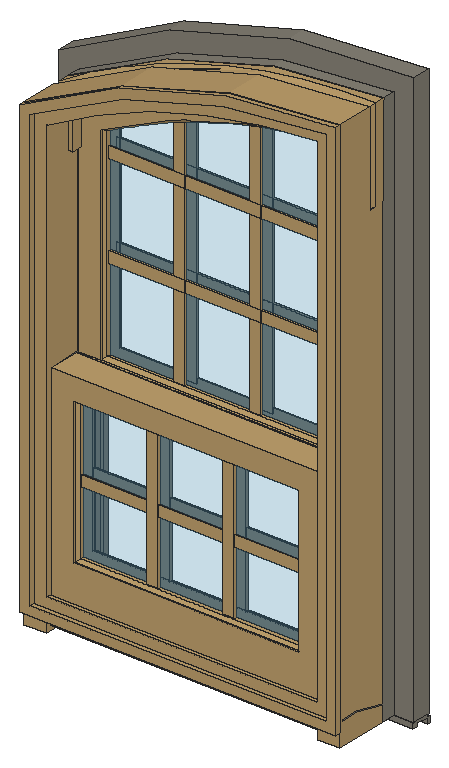
Revit family "Window-Single_Hung-Marvin-Next_Generation_Round_Top_RT22-Clad_Ultimate new new", category Windows, host Wall, Revit 2013 (continued)
Definition of nested family "Muntins RT 22"
  Reference planes (in)
    plane 12: x = 19.33594
    plane 13: x = -6.9349
    plane 14: x = -19.67969
    plane 15: x = 19.67969
    plane 16: x = 6.9349
    plane 17: z = 33.21875
    plane 18: z = 63.04688
    plane 19: z = 56.28748
    plane 20: x = -22.74219
    plane 21: x = 22.74219
  Forms (in)
    Extrusion 1, solid, material <- "Muntin Material", visible <- "CenterMuntinVertical", detail levels medium+fine
      sketch origin (9, 0, 0) x (1, 0, 0) y (0, 0, 1)
        loop
          line (-9.375, 59.98438) -> (-9.375, 35.78125) -> (-8.625, 35.78125) -> (-8.625, 59.98438) -> (-9.375, 59.98438)
      from 0 to 0.125 <- "MuntinDepth"
    Extrusion 2, solid, material <- "Muntin Material", visible <- "CenterMuntinHorizontal", detail levels medium+fine
      sketch origin (-0.0013, 0, 14.6875) x (1, 0, 0) y (0, 0, 1)
        loop
          line (-19.67839, 33.57031) -> (-19.67839, 32.82031) -> (19.68099, 32.82031) -> (19.68099, 33.57031) -> (-19.67839, 33.57031)
      from 0 to 0.125 <- "MuntinDepth"
    Extrusion 3, solid, material <- "Muntin Material", visible <- "VertMuntVisible", detail levels medium+fine
      sketch origin (3.45499, 0, -2.90625) x (1, 0, 0) y (0, 0, 1)
        loop
          line (-10.38988, 62.89063) -> (-10.38988, 38.6875) -> (-9.63988, 38.6875) -> (-9.63988, 62.89063) -> (-10.38988, 62.89063)
      from 0 to 0.125 <- "MuntinDepth"
    Extrusion 4, solid, material <- "Muntin Material", visible <- "HorizMuntVisible", detail levels medium+fine
      sketch origin (4.36458, 0, -2.42336) x (1, 0, 0) y (0, 0, 1)
        loop
          line (-24.04427, 46.64732) -> (-24.04427, 45.89732) -> (15.3151, 45.89732) -> (15.3151, 46.64732) -> (-24.04427, 46.64732)
      from 0 to 0.125 <- "MuntinDepth"
    Extrusion 5, void
      sketch origin (0, 0, 0) x (1, 0, 0) y (0, 0, 1)
        loop
          line (19.55469, 33.21875) -> (22.74219, 33.21875) -> (22.74219, 63.04688) -> (-22.74219, 63.04688) -> (-22.74219, 59.98438)
          arc (-22.74219, 59.98438) -> (-0.83568, 57.07756) -> (19.55469, 48.5583) r 84
          line (19.55469, 48.5583) -> (19.55469, 33.21875)
      from -1 to 1
    Extrusion 6, solid, material <- "Muntin Material", visible <- "CenterMuntinVertical", detail levels coarse
      sketch origin (9, 0, 0) x (1, 0, 0) y (0, 0, 1)
        loop
          line (-9.03125, 59.98438) -> (-9.03125, 35.78125) -> (-8.96875, 35.78125) -> (-8.96875, 59.98438) -> (-9.03125, 59.98438)
      from 0 to 0.0625
    Extrusion 7, solid, material <- "Muntin Material", visible <- "VertMuntVisible", detail levels coarse
      sketch origin (3.43936, 0, 0) x (1, 0, 0) y (0, 0, 1)
        loop
          line (-10.01488, 59.98438) -> (-10.01488, 35.78125) -> (-9.98363, 35.78125) -> (-9.98363, 59.98438) -> (-10.01488, 59.98438)
      from 0 to 0.0625
    Extrusion 8, solid, material <- "Muntin Material", visible <- "CenterMuntinHorizontal", detail levels coarse
      sketch origin (-0.0013, 0, 14.6875) x (1, 0, 0) y (0, 0, 1)
        loop
          line (-19.67839, 33.22656) -> (-19.67839, 33.16406) -> (19.68099, 33.16406) -> (19.68099, 33.22656) -> (-19.67839, 33.22656)
      from 0 to 0.0625
    Extrusion 9, solid, material <- "Muntin Material", visible <- "HorizMuntVisible", detail levels coarse
      sketch origin (-1.63411, 0, -5.06399) x (1, 0, 0) y (0, 0, 1)
        loop
          line (-18.04557, 48.95982) -> (-18.04557, 48.89732) -> (21.3138, 48.89732) -> (21.3138, 48.95982) -> (-18.04557, 48.95982)
      from 0 to 0.0625
    Extrusion 10, solid, material <- "Muntin Material", visible <- "VertMuntVisible", detail levels medium+fine
      sketch origin (16.57478, 0, -2.90625) x (1, 0, 0) y (0, 0, 1)
        loop
          line (-10.38988, 62.89063) -> (-10.38988, 38.6875) -> (-9.63988, 38.6875) -> (-9.63988, 62.89063) -> (-10.38988, 62.89063)
      from 0 to 0.125 <- "MuntinDepth"
    Extrusion 11, solid, material <- "Muntin Material", visible <- "VertMuntVisible", detail levels coarse
      sketch origin (16.55915, 0, 0) x (1, 0, 0) y (0, 0, 1)
        loop
          line (-10.01488, 59.98438) -> (-10.01488, 35.78125) -> (-9.98363, 35.78125) -> (-9.98363, 59.98438) -> (-10.01488, 59.98438)
      from 0 to 0.0625
    Extrusion 12, solid, material <- "Muntin Material", visible <- "HorizMuntVisible", detail levels medium+fine
      sketch origin (4.36458, 0, 5.64435) x (1, 0, 0) y (0, 0, 1)
        loop
          line (-24.04427, 46.64732) -> (-24.04427, 45.89732) -> (15.3151, 45.89732) -> (15.3151, 46.64732) -> (-24.04427, 46.64732)
      from 0 to 0.125 <- "MuntinDepth"
    Extrusion 13, solid, material <- "Muntin Material", visible <- "HorizMuntVisible", detail levels coarse
      sketch origin (-1.63411, 0, 3.00372) x (1, 0, 0) y (0, 0, 1)
        loop
          line (-18.04557, 48.95982) -> (-18.04557, 48.89732) -> (21.3138, 48.89732) -> (21.3138, 48.95982) -> (-18.04557, 48.95982)
      from 0 to 0.0625
  Cuts and joins
    Extrusion 5 cuts Extrusion 3
    Extrusion 5 cuts Extrusion 7
    Extrusion 5 cuts Extrusion 10
    Extrusion 5 cuts Extrusion 11
    Extrusion 5 cuts Extrusion 1
    Extrusion 5 cuts Extrusion 6
    Extrusion 5 cuts Extrusion 12
    Extrusion 5 cuts Extrusion 13
    Extrusion 5 cuts Extrusion 2
    Extrusion 5 cuts Extrusion 8
    Extrusion 5 cuts Extrusion 4
    Extrusion 5 cuts Extrusion 9
  Lines and regions (in)
    reference lines
      curve 1: arc (22.74219, 0, 56.28748) -> (0.88398, 0, 65.82982) -> (-22.74219, 0, 69.09197) r 87.1875
      curve 2: arc (-22.74219, 0, 59.98438) -> (-0.58253, 0, 57.00875) -> (20.00715, 0, 48.2927) r 84
  Dimensions and locks (in)
    "Inset Horiz": plane 6 to plane 7
    "Inset Horiz": plane 8 to plane 4
    equal spacing: plane 6, plane 5, plane 4
    "Height": plane 6 to plane 4
    "GlazingHeight": plane 9 to plane 10
    equal spacing: plane 9, plane 5, plane 10
    "GlazingWidth": plane 12 to plane 11
    equal spacing: plane 12, plane 3 "Center (Left/Right)", plane 11
    "MuntinWidth": Extrusion 1 sketch curve to Extrusion 1 sketch curve
    "Height": Extrusion 1 sketch curve to Extrusion 1 sketch curve
    "MuntinWidth": Extrusion 2 sketch curve to Extrusion 2 sketch curve
    "Width": Extrusion 2 sketch curve to Extrusion 2 sketch curve
    "MuntinWidth": Extrusion 3 sketch curve to Extrusion 3 sketch curve
    "Height": Extrusion 3 sketch curve to Extrusion 3 sketch curve
    "Width": plane 15 to plane 14
    equal spacing: plane 15, plane 3 "Center (Left/Right)", plane 14
    "Inset Vert": plane 13 to plane 14
    "Inset Vert": plane 15 to plane 16
    "MuntinWidth": Extrusion 4 sketch curve to Extrusion 4 sketch curve
    "Width": Extrusion 4 sketch curve to Extrusion 4 sketch curve
    locked: plane 10 to plane 17 at 2.90625
    Extrusion 6 sketch curve to plane 3 "Center (Left/Right)" to Extrusion 6 sketch curve = 0' - 0 1/32" locked, 0' - 0 1/32" locked
    "Height": Extrusion 6 sketch curve to Extrusion 6 sketch curve
    locked: Extrusion 7 sketch curve to Extrusion 7 sketch curve at 0.03125
    "Height": Extrusion 7 sketch curve to Extrusion 7 sketch curve
    locked: Extrusion 3 to Extrusion 7 at 0.35938
    equal spacing: Extrusion 8 sketch curve, plane 5, Extrusion 8 sketch curve
    "Width": Extrusion 8 sketch curve to Extrusion 8 sketch curve
    Extrusion 9 sketch curve to Extrusion 9 sketch curve = 0' - 0 1/16"
    "Width": Extrusion 9 sketch curve to Extrusion 9 sketch curve
    locked: Extrusion 9 to Extrusion 4 at 0.35937
    "MuntinWidth": Extrusion 10 sketch curve to Extrusion 10 sketch curve
    "Height": Extrusion 10 sketch curve to Extrusion 10 sketch curve
    locked: Extrusion 11 sketch curve to Extrusion 11 sketch curve at 0.03125
    "Height": Extrusion 11 sketch curve to Extrusion 11 sketch curve
    locked: Extrusion 10 to Extrusion 11 at 0.35938
    group 2 to group 3 = 1' - 1.11979"
    group 2 to group 3 = 0' - 0"  (x2)
    "MuntinWidth": Extrusion 12 sketch curve to Extrusion 12 sketch curve
    "Width": Extrusion 12 sketch curve to Extrusion 12 sketch curve
    Extrusion 13 sketch curve to Extrusion 13 sketch curve = 0' - 0 1/16"
    "Width": Extrusion 13 sketch curve to Extrusion 13 sketch curve
    locked: Extrusion 13 to Extrusion 12 at 0.35937
    group 4 to group 5 = 0' - 0"  (x2)
    group 4 to group 5 = 0' - 8.06771"
    locked: plane 18 to plane 9 at 3.40625
    "Arc Height": plane 18 to plane 19
    locked: plane 11 to plane 20 at 3.40625
    locked: plane 12 to plane 21 at 3.40625
    locked: plane 15 to Extrusion 5 sketch curve at 0.125
    "RO Radius": radius of curve 1
    "Radius Offset": radius of curve 2
    aligned and locked: plane 6 to Extrusion 1  (x2)
    aligned and locked: Extrusion 1 to plane 4  (x3)
    aligned and locked: Extrusion 3 to plane 13  (x6)
    aligned and locked: Extrusion 3 to plane 4  (x4)
    aligned and locked: Extrusion 2 to plane 14
    aligned and locked: plane 15 to Extrusion 2
    aligned and locked: plane 6 to Extrusion 3  (x2)
    aligned and locked: Extrusion 4 to plane 14  (x2)
    aligned and locked: Extrusion 4 to plane 8  (x2)
    aligned and locked: plane 15 to Extrusion 4  (x2)
    aligned and locked: plane 6 to Extrusion 7
    aligned and locked: plane 6 to Extrusion 10
    aligned and locked: plane 6 to Extrusion 11
    aligned and locked: Extrusion 10 to plane 16
    aligned and locked: Extrusion 10 to plane 4
    aligned and locked: Extrusion 11 to plane 4
    aligned and locked: Extrusion 7 to plane 4
    aligned and locked: Extrusion 9 to plane 14
    aligned and locked: plane 15 to Extrusion 9
    aligned and locked: Extrusion 12 to plane 14
    aligned and locked: Extrusion 13 to plane 14
    aligned and locked: plane 7 to Extrusion 12
    aligned and locked: plane 15 to Extrusion 12
    aligned and locked: plane 15 to Extrusion 13
    aligned and locked: plane 20 to curve 1
    aligned and locked: plane 6 to curve 2
    aligned and locked: plane 20 to curve 2
    aligned and locked: plane 19 to curve 1
    aligned and locked: plane 21 to curve 1
    aligned and locked: curve 2 to plane 20
    aligned and locked: curve 1 to plane 20
    aligned and locked: Extrusion 5 sketch curve to curve 2
    aligned and locked: Extrusion 5 sketch curve to plane 20
    aligned and locked: plane 18 to Extrusion 5 sketch curve
    aligned and locked: plane 21 to Extrusion 5 sketch curve
    aligned and locked: Extrusion 5 sketch curve to plane 17
  Automatic sketch dimensions
    Extrusion 9 sketch curve to Extrusion 9 sketch curve = 0' - 0 1/16"
    Extrusion 13 sketch curve to Extrusion 13 sketch curve = 0' - 0 1/16"
    Extrusion 1 sketch curve to plane 4 = 0' - 0"
    Extrusion 1 sketch curve to plane 3 "Center (Left/Right)" = 0' - 0 3/8"
    Extrusion 2 sketch curve to plane 14 = 0' - 0"
    Extrusion 2 sketch curve to plane 5 = 0' - 0 3/8"
    Extrusion 6 sketch curve to plane 4 = 0' - 0"
    Extrusion 8 sketch curve to plane 14 = 0' - 0"
    Extrusion 8 sketch curve to plane 5 = 0' - 0 1/32"
    plane 15 to curve 2 = 0' - 0.32746"
Definition of nested family "Jamb Detail"
  Parameters (values of type "Jamb Detail")
    Nailer = yes
  Reference planes (in)
    plane 1 "Center (Front/Back)": y = 0
    plane 2: z = 0
    plane 3 "Center (Left/Right)": x = 0
  Lines and regions (in)
    Masking region 1, in view "Ref. Level", detail levels coarse
      outline origin (0, 3.508, 0) x (1, 0, 0) y (0, 1, 0)
        loop
          line (0, 0) -> (0, -5.64802) -> (2.62497, -5.64802) -> (2.62497, 0) -> (0, 0)
    Masking region 2, in view "Ref. Level", detail levels medium
      outline origin (0, 3.508, 0) x (1, 0, 0) y (0, 1, 0)
        loop
          line (1.49505, -0.36) -> (1.49505, 0) -> (0, 0) -> (0, -5.64802) -> (0.58673, -5.64802) -> (0.73855, -4.787) -> (1.79505, -4.787) -> (1.79505, -4.329) -> (3.25697, -4.329) -> (3.25697, -3.948) -> (2.62497, -3.948) -> (2.62497, -3.068) -> (3.25697, -3.068) -> (3.25697, -2.584) -> (1.5, -2.584) -> (1.5, -2.105) -> (3.25697, -2.105) -> (3.25697, -1.724) -> (2.62497, -1.724) -> (2.62497, -0.844) -> (3.25697, -0.844) -> (3.25697, -0.36) -> (1.49505, -0.36)
    Masking region 3, in view "Ref. Level", detail levels fine
      outline origin (0, 3.508, 0) x (1, 0, 0) y (0, 1, 0)
        loop
          line (0, 0) -> (0, -5.64802) -> (0.58673, -5.64802) -> (0.73855, -4.787) -> (1.795, -4.787) -> (1.795, -4.439) -> (1.5, -4.439) -> (1.5, -3.614) -> (0.465, -3.614) -> (0.465, -3.1055) -> (1.5, -3.1055) -> (1.5, -1.403) -> (0.465, -1.403) -> (0.465, -0.607) -> (1.49505, -0.607) -> (1.49505, 0) -> (0, 0)
    Masking region 4, in view "Ref. Level", detail levels fine
      outline origin (0, 3.508, 0) x (1, 0, 0) y (0, 1, 0)
        loop
          line (3.038, -0.36) -> (1.589, -0.36) -> (1.589, -2.105) -> (3.057, -2.105) -> (3.057, -1.98636) -> (3.25619, -1.78717) -> (3.25619, -1.724) -> (2.5, -1.724) -> (2.5, -0.844) -> (3.257, -0.844) -> (3.257, -0.64741) -> (3.038, -0.454) -> (3.038, -0.36)
        loop
          line (3.038, -2.584) -> (1.589, -2.584) -> (1.589, -4.329) -> (3.057, -4.329) -> (3.057, -4.21036) -> (3.25619, -4.01117) -> (3.25619, -3.948) -> (2.5, -3.948) -> (2.5, -3.068) -> (3.257, -3.068) -> (3.257, -2.87141) -> (3.038, -2.678) -> (3.038, -2.584)
    Masking region 5, in view "Ref. Level", detail levels fine
      outline origin (0, 3.508, 0) x (1, 0, 0) y (0, 1, 0)
        loop
          line (1.49505, -0.36) -> (1.49505, 0) -> (0, 0) -> (0, -5.64802) -> (0.58673, -5.64802) -> (0.73855, -4.787) -> (1.79505, -4.787) -> (1.79505, -4.329) -> (3.057, -4.329) -> (3.057, -4.21036) -> (3.25697, -4.01038) -> (3.25697, -3.948) -> (2.62497, -3.948) -> (2.62497, -3.068) -> (3.25697, -3.068) -> (3.25697, -2.87035) -> (3.038, -2.678) -> (3.038, -2.584) -> (1.5, -2.584) -> (1.5, -2.105) -> (3.057, -2.105) -> (3.057, -1.98636) -> (3.25697, -1.78638) -> (3.25697, -1.724) -> (2.62497, -1.724) -> (2.62497, -0.844) -> (3.25697, -0.844) -> (3.25697, -0.64635) -> (3.038, -0.454) -> (3.038, -0.36) -> (1.49505, -0.36)
    Masking region 6, in view "Ref. Level", visible <- "Nailer", detail levels fine
      outline origin (0, 3.508, 0) x (1, 0, 0) y (0, 1, 0)
        loop
          line (-1.49397, -4.55599) -> (-1.49397, -4.601) -> (0, -4.601) -> (0, -4.446) -> (-0.14397, -4.446) -> (-0.14397, -4.55599) -> (-1.49397, -4.55599)
    detail lines, style "Light", in view "Ref. Level", detail levels fine
      curve 1: line (0.465, 2.105, 0) -> (0.465, 0.4025, 0)
      curve 2: line (0.465, 2.901, 0) -> (0, 2.901, 0)
      curve 3: line (0.465, -0.728, 0) -> (0, -0.728, 0)
      curve 4: line (0.465, -0.106, 0) -> (0.465, -0.728, 0)
Definition of nested family "Header Detail"
  Parameters (values of type "Header Detail")
    Nailer = yes
  Reference planes (in)
    plane 1 "Center (Front/Back)": y = 0
    plane 2: z = 0
    plane 3 "Center (Left/Right)": x = 0
  Lines and regions (in)
    Masking region 1, in view "Ref. Level", detail levels coarse
      outline origin (0, 0, 0) x (1, 0, 0) y (0, 1, 0)
        loop
          line (-2.13999, 0) -> (-2.13999, -2.628) -> (3.50801, -2.628) -> (3.50801, 0) -> (-2.13999, 0)
    Masking region 2, in view "Ref. Level", detail levels fine
      outline origin (0, 0, 0) x (1, 0, 0) y (0, 1, 0)
        loop
          line (-2.13999, -0.57678) -> (-1.27899, -0.7286) -> (-1.27899, -1.785) -> (-0.93099, -1.785) -> (-0.93099, -1.483) -> (-0.83199, -1.483) -> (-0.83199, -0.065) -> (-0.21199, -0.065) -> (-0.21199, 0) -> (-2.13999, 0) -> (-2.13999, -0.57678)
    Masking region 3, in view "Ref. Level", detail levels fine
      outline origin (0, 0, 0) x (1, 0, 0) y (0, 1, 0)
        loop
          line (-0.82239, -1.579) -> (-0.82239, -3.04703) -> (-0.70371, -3.04703) -> (-0.50374, -3.247) -> (-0.43999, -3.247) -> (-0.43999, -2.49) -> (0.43996, -2.49) -> (0.43996, -3.247) -> (0.63638, -3.247) -> (0.83001, -3.028) -> (0.92401, -3.028) -> (0.92401, -1.579) -> (-0.82239, -1.579)
    Masking region 4, in view "Ref. Level", detail levels medium
      outline origin (0, 0, 0) x (1, 0, 0) y (0, 1, 0)
        loop
          line (1.68801, -1.4835) -> (3.50801, -1.4835) -> (3.50801, 0) -> (-2.13999, 0) -> (-2.13999, -0.57678) -> (-1.27899, -0.7286) -> (-1.27899, -1.785) -> (-0.82239, -1.785) -> (-0.82239, -3.247) -> (-0.43999, -3.247) -> (-0.43999, -2.628) -> (0.43996, -2.628) -> (0.43996, -3.247) -> (0.92401, -3.247) -> (0.92401, -1.7846) -> (1.68801, -1.7846) -> (1.68801, -1.4835)
    Masking region 5, in view "Ref. Level", visible <- "Nailer", detail levels fine
      outline origin (0, 0, 0) x (1, 0, 0) y (0, 1, 0)
        loop
          line (-1.04202, 0.15488) -> (-1.04202, 1.51988) -> (-1.08698, 1.51988) -> (-1.08698, 0) -> (-0.93202, 0) -> (-0.93202, 0.15488) -> (-1.04202, 0.15488)
    Masking region 6, in view "Ref. Level", detail levels fine
      outline origin (0, 0.25, 0) x (1, 0, 0) y (0, 1, 0)
        loop
          line (1.68801, -1.7335) -> (3.50801, -1.7335) -> (3.50801, -0.25) -> (-2.13999, -0.25) -> (-2.13999, -0.82678) -> (-1.27899, -0.9786) -> (-1.27899, -2.035) -> (-0.82239, -2.035) -> (-0.82239, -3.29703) -> (-0.70371, -3.29703) -> (-0.50374, -3.497) -> (-0.43999, -3.497) -> (-0.43999, -2.878) -> (0.43996, -2.878) -> (0.43996, -3.497) -> (0.63638, -3.497) -> (0.83001, -3.278) -> (0.92401, -3.278) -> (0.92401, -2.0346) -> (1.68801, -2.0346) -> (1.68801, -1.7335)
    Masking region 7, in view "Ref. Level", detail levels fine
      outline origin (1.49635, -0.10463, 0) x (1, 0, 0) y (0, 1, 0)
        loop
          line (0.19166, -1.37887) -> (2.01166, -1.37887) -> (2.01166, 0.10463) -> (-0.49091, 0.10463) -> (-0.54824, -0.05287) -> (-0.98096, 0.10463) -> (-1.70834, 0.10463) -> (-1.70834, 0.03963) -> (-2.32834, 0.03963) -> (-2.32834, -0.52307) -> (-1.70834, -0.52307) -> (-1.70834, -0.71107) -> (-2.32834, -0.71107) -> (-2.32834, -1.37907) -> (-0.49434, -1.37907) -> (-0.49434, -1.67997) -> (0.19166, -1.67997) -> (0.19166, -1.37887)
    detail lines, style "Light", in view "Ref. Level", detail levels fine
      curve 1: line (1.76921, 0, 0) -> (1.76921, -1.2016, 0)
      curve 2: line (1.68801, -1.2016, 0) -> (1.68801, -1.4835, 0)
      curve 3: line (1.00201, -1.2016, 0) -> (1.00201, -1.4837, 0)
      curve 4: line (1.76921, -1.2016, 0) -> (1.00201, -1.2016, 0)
Definition of nested family "Sill Detail"
  Parameters (values of type "Sill Detail")
    Nailer = yes
  Reference planes (in)
    plane 1 "Center (Front/Back)": y = 0
    plane 2: z = 0
    plane 3 "Center (Left/Right)": x = 0
  Lines and regions (in)
    Masking region 1, in view "Ref. Level", detail levels coarse
      outline origin (0, 0, 0) x (1, 0, 0) y (0, 1, 0)
        loop
          line (-4.36311, -0.00002) -> (1.28394, -0.00002) -> (1.28394, 4.21198) -> (-4.36311, 4.21198) -> (-4.36311, -0.00002)
    Masking region 2, in view "Ref. Level", detail levels medium
      outline origin (0, 0, 0) x (1, 0, 0) y (0, 1, 0)
        loop
          line (1.28394, 2.22994) -> (0.924, 2.22994) -> (0.924, 4.84396) -> (0.43999, 4.84396) -> (0.43999, 4.21198) -> (-0.43963, 4.21198) -> (-0.43963, 4.84396) -> (-0.82107, 4.84396) -> (-0.82107, 1.46892) -> (-4.36311, 0.58588) -> (-4.36311, -0.00002) -> (1.28394, -0.00002) -> (1.28394, 2.22994)
    Masking region 3, in view "Ref. Level", detail levels fine
      outline origin (0, 0, 0) x (1, 0, 0) y (0, 1, 0)
        loop
          line (0.6366, 4.84396) -> (0.43999, 4.84396) -> (0.43999, 4.08698) -> (-0.43963, 4.08698) -> (-0.43963, 4.84396) -> (-0.50237, 4.84396) -> (-0.70235, 4.64399) -> (-0.82107, 4.64399) -> (-0.82107, 1.54439) -> (-0.54105, 1.6142) -> (-0.54105, 1.91995) -> (0.924, 1.91995) -> (0.924, 4.62495) -> (0.83, 4.62495) -> (0.6366, 4.84396)
    Masking region 4, in view "Ref. Level", detail levels fine
      outline origin (0, 0, 0) x (1, 0, 0) y (0, 1, 0)
        loop
          line (1.01795, 1.62995) -> (-0.17511, 1.62995) -> (-3.50208, 0.80053) -> (-3.50208, 0.72866) -> (-4.36309, 0.57686) -> (-4.36309, -0.00002) -> (-0.60918, -0.00002) -> (1.01795, 0.40562) -> (1.01795, 1.62995)
    Masking region 5, in view "Ref. Level", detail levels fine
      outline origin (0, 0, 0) x (1, 0, 0) y (0, 1, 0)
        loop
          line (1.01794, 2.22994) -> (1.01794, 0.90494) -> (1.28394, 0.90494) -> (1.28394, 2.22994) -> (1.01794, 2.22994)
    Masking region 6, in view "Ref. Level", visible <- "Nailer", detail levels fine
      outline origin (0, 0, 0) x (1, 0, 0) y (0, 1, 0)
        loop
          line (-3.27149, -1.25785) -> (-3.27149, -0.00002) -> (-3.55046, -0.00002) -> (-3.55046, -0.04284) -> (-3.31146, -0.04284) -> (-3.31146, -1.25785) -> (-3.27149, -1.25785)
    Masking region 7, in view "Ref. Level", detail levels fine
      outline origin (0, 0, 0) x (1, 0, 0) y (0, 1, 0)
        loop
          line (1.28394, 2.22994) -> (0.924, 2.22994) -> (0.924, 4.62495) -> (0.83, 4.62495) -> (0.6366, 4.84396) -> (0.43999, 4.84396) -> (0.43999, 4.21198) -> (-0.43963, 4.21198) -> (-0.43963, 4.84396) -> (-0.50237, 4.84396) -> (-0.70235, 4.64399) -> (-0.82107, 4.64399) -> (-0.82107, 1.46892) -> (-3.50208, 0.80054) -> (-3.50208, 0.72866) -> (-4.36311, 0.57686) -> (-4.36311, -0.00002) -> (-0.60641, -0.00002) -> (1.01794, 0.40494) -> (1.01794, 0.90494) -> (1.28394, 0.90494) -> (1.28394, 2.22994)
    detail lines, style "Light", in view "Ref. Level", detail levels fine
      curve 1: line (-2.91948, 0, 0) -> (-3.14146, 0.89044, 0)
Definition of nested family "Checkrail Detail"
  Reference planes (in)
    plane 1 "Center (Front/Back)": y = 0
    plane 2: z = 0
    plane 3 "Center (Left/Right)": x = 0
  Lines and regions (in)
    Masking region 1, in view "Ref. Level", detail levels medium
      outline origin (0, -0.88249, 0) x (1, 0, 0) y (0, 1, 0)
        loop
          line (-0.821, 0) -> (1.52161, 0) -> (1.52161, -0.07906) -> (1.7843, -0.07906) -> (1.7843, 0.53895) -> (2.66392, 0.53895) -> (2.66392, -0.07906) -> (3.148, -0.07906) -> (3.148, 1.63899) -> (0.83002, 1.63899) -> (0.83002, 1.858) -> (0.43999, 1.858) -> (0.43999, 1.22602) -> (-0.4405, 1.22602) -> (-0.4405, 1.858) -> (-0.821, 1.858) -> (-0.821, 0)
    Masking region 2, in view "Ref. Level", detail levels coarse
      outline origin (0, -0.88249, 0) x (1, 0, 0) y (0, 1, 0)
        loop
          line (-0.821, 0.53895) -> (3.148, 0.53895) -> (3.148, 1.22602) -> (-0.821, 1.22602) -> (-0.821, 0.53895)
    Masking region 3, in view "Ref. Level", detail levels fine
      outline origin (0, -0.88249, 0) x (1, 0, 0) y (0, 1, 0)
        loop
          line (3.148, 0.13993) -> (3.148, 1.63899) -> (1.10998, 1.63899) -> (1.10998, 0.25695) -> (1.15997, 0.25695) -> (1.15997, 0.53598) -> (1.40297, 0.53598) -> (1.40297, 0.12098) -> (1.52161, 0.12098) -> (1.72163, -0.07906) -> (1.7843, -0.07906) -> (1.7843, 0.67794) -> (2.66392, 0.67794) -> (2.66392, -0.07906) -> (2.86055, -0.07906) -> (3.05397, 0.13993) -> (3.148, 0.13993)
        loop
          line (1.02201, 1.63899) -> (0.83002, 1.63899) -> (0.6366, 1.858) -> (0.43999, 1.858) -> (0.43999, 1.101) -> (-0.4405, 1.101) -> (-0.4405, 1.85716) -> (-0.50323, 1.85716) -> (-0.70235, 1.65803) -> (-0.821, 1.65803) -> (-0.821, 0) -> (1.309, 0) -> (1.309, 0.389) -> (1.259, 0.389) -> (1.259, 0.05) -> (1.02201, 0.05) -> (1.02201, 1.63899)
    Masking region 4, in view "Ref. Level", detail levels fine
      outline origin (0, -0.88249, 0) x (1, 0, 0) y (0, 1, 0)
        loop
          line (-0.821, 0) -> (1.309, 0) -> (1.309, 0.12098) -> (1.52161, 0.12098) -> (1.72163, -0.07906) -> (1.7843, -0.07906) -> (1.7843, 0.53895) -> (2.66392, 0.53895) -> (2.66392, -0.07906) -> (2.86055, -0.07906) -> (3.05397, 0.13993) -> (3.148, 0.13993) -> (3.148, 1.63899) -> (0.83002, 1.63899) -> (0.6366, 1.858) -> (0.43999, 1.858) -> (0.43999, 1.22602) -> (-0.4405, 1.22602) -> (-0.4405, 1.858) -> (-0.50239, 1.858) -> (-0.70235, 1.65803) -> (-0.821, 1.65803) -> (-0.821, 0)
    detail lines, style "Medium", in view "Ref. Level", detail levels coarse
      curve 1: line (1.1635, 0.34354, 0) -> (1.1635, -0.34354, 0)
    detail lines, style "Medium", in view "Ref. Level", detail levels medium
      curve 2: line (1.1635, 0.7565, 0) -> (1.1635, -0.88249, 0)
Definition of nested family "Wood Ext Trim Detail"
  Parameters (values of type "Wood Ext Trim Detail")
    Wood Flat Notch [instance] = no
    Wood Flat [instance] = yes
    Wood BMC Notch [instance] = no
    Wood BMC [instance] = no
    Clad Flat [instance] = no
    Clad BMC [instance] = no
    Assembly Code = ""
  Reference planes (in)
    plane 1 "Center (Front/Back)": y = 0
    plane 2: z = 0
    plane 3 "Center (Left/Right)": x = 0
  Lines and regions (in)
    Masking region 1, in view "Ref. Level", visible <- "Clad Flat"
      outline origin (0, 0, 0) x (1, 0, 0) y (0, 1, 0)
        loop
          line (0, 0) -> (0, -1.09375) -> (3, -1.09375) -> (3, 0) -> (0, 0)
    Masking region 2, in view "Ref. Level", visible <- "Clad BMC"
      outline origin (0, 0, 0) x (1, 0, 0) y (0, 1, 0)
        loop
          line (0.38081, 0) -> (0, 0) -> (0, -1.09375) -> (1.3125, -1.09375) -> (1.3125, 0.15625) -> (0.71589, 0.15625) -> (0.38081, 0)
    Masking region 3, in view "Ref. Level", visible <- "Wood BMC Notch"
      outline origin (0.25, 0, 0) x (1, 0, 0) y (0, 1, 0)
        loop
          line (1.3125, -1.09375) -> (1.3125, 0.125) -> (0.77353, 0.125) -> (0.30703, 0) -> (-0.6875, 0) -> (-0.6875, -0.81275) -> (-0.34349, -0.81275) -> (-0.34349, -1.09375) -> (1.3125, -1.09375)
    Masking region 4, in view "Ref. Level", visible <- "Wood Flat Notch"
      outline origin (0.25, 0, 0) x (1, 0, 0) y (0, 1, 0)
        loop
          line (-0.6875, 0) -> (-0.6875, -0.81276) -> (-0.34349, -0.81276) -> (-0.34349, -1.09375) -> (2.8125, -1.09375) -> (2.8125, 0) -> (-0.6875, 0)
    Masking region 5, in view "Ref. Level", visible <- "Wood BMC"
      outline origin (0.25, 0, 0) x (1, 0, 0) y (0, 1, 0)
        loop
          line (1.3125, -1.09375) -> (1.3125, 0.125) -> (0.77353, 0.125) -> (0.30703, 0) -> (-0.6875, 0) -> (-0.6875, -1.09375) -> (1.3125, -1.09375)
    Masking region 6, in view "Ref. Level", visible <- "Wood Flat"
      outline origin (0.25, 0, 0) x (1, 0, 0) y (0, 1, 0)
        loop
          line (-0.6875, 0) -> (-0.6875, -1.09375) -> (2.8125, -1.09375) -> (2.8125, 0) -> (-0.6875, 0)
Definition of nested family "Clad Subsill Detail"
  Parameters (values of type "Clad Subsill Detail")
    Nailer = yes
    Assembly Code = ""
  Reference planes (in)
    plane 1 "Center (Front/Back)": y = 0
    plane 2: z = 0
    plane 3 "Center (Left/Right)": x = 0
  Lines and regions (in)
    Masking region 1, in view "Ref. Level", detail levels coarse+medium
      outline origin (0, 0, 0) x (1, 0, 0) y (0, 1, 0)
        loop
          line (0, 0) -> (0, -0.14095) -> (-0.2553, -0.14095) -> (-0.2553, -0.5702) -> (-0.09909, -0.5702) -> (-0.09909, -0.32566) -> (1.12389, -0.32566) -> (1.12389, 0) -> (0, 0)
    Masking region 2, in view "Ref. Level", detail levels fine
      outline origin (0, 0, 0) x (1, 0, 0) y (0, 1, 0)
        loop
          line (-0.2553, -0.17936) -> (-0.2553, -0.5702) -> (-0.09909, -0.5702) -> (-0.09909, -0.52016) -> (-0.2053, -0.52016) -> (-0.2053, -0.2474) -> (0.83801, -0.10077) -> (0.83801, -0.32566) -> (1.12389, -0.32566) -> (1.12389, -0.26227) -> (1.04806, -0.26227) -> (1.04806, -0.07125) -> (1.12389, -0.06059) -> (1.12389, 0) -> (0, 0) -> (0, -0.14348) -> (-0.2553, -0.17936)
    Masking region 3, in view "Ref. Level", visible <- "Nailer", detail levels fine
      outline origin (0, -0.32827, 0) x (1, 0, 0) y (0, 1, 0)
        loop
          line (0.82929, 0.00261) -> (0.82929, -0.04097) -> (0.99892, -0.04097) -> (0.99892, -1.48397) -> (1.04392, -1.48397) -> (1.04392, -0.15597) -> (1.15392, -0.15597) -> (1.15392, 0.00261) -> (0.82929, 0.00261)
Definition of nested family "Label Annotation 1-16 w4"
  Parameters
    Nominal Width = 1' - 6"
    Nominal Height = 6' - 0"
    Description = "CUCART18"
  Reference planes (in)
    plane 1: y = 0
    plane 2: x = 0
  Text (in)
    label "Nominal Width X  Nominal Height\n\nDescription" at (0.00375, -0.00345, 0), shows "Nominal Width", "Nominal Height", "Description"
Definition of nested family "Sliding Arrow"
  Reference planes (in)
    plane 1 "Center (Front/Back)": y = 0
    plane 2: z = 0
    plane 3 "Center (Left/Right)": x = 0
  Lines and regions (in)
    detail lines, style "H Line", in view "Ref. Level"
      curve 1: line (0, 1.5, 0) -> (2.59808, 0, 0)
      curve 2: line (2.59808, 0, 0) -> (0, -1.5, 0)
      curve 3: line (2.59808, 0, 0) -> (-2.40192, 0, 0)
